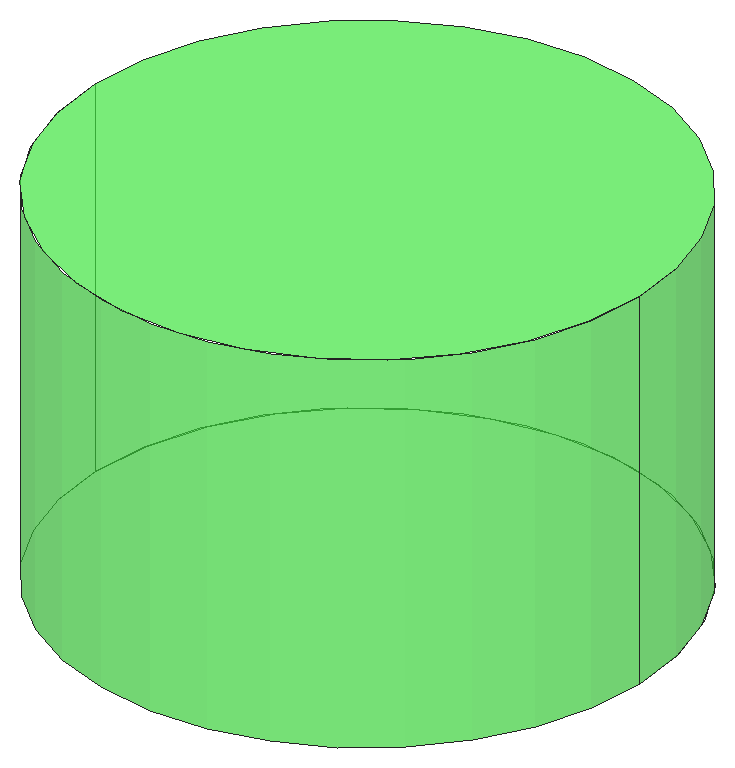
Revit family "貫通部_丸形", category Generic Models, host Face, Revit 2020
Family settings
  Host = Face
  Can host rebar = No
  Round Connector Dimension = Use Diameter
  Part Type = Normal
  Cut with Voids When Loaded = Yes
  Shared = No
  Room Calculation Point = No
Parameters
  高さ [instance] = 300 mm
  Default Elevation = 1219.2 mm
  寸法 [instance] = 10 mm
  半径 [instance] = 250 mm
Reference planes
  plane 1 "中心(正面/背面)": y = 0
  plane 2: z = 0
  plane 3 "中心(左/右)": x = 0
  plane 4: z = -300
Forms (mm)
  Extrusion 1, void
    sketch origin (0, 0, 0) x (1, 0, 0) y (0, 1, 0)
      loop
        circle (0, 0) r 250
    from -310 to 10
  Extrusion 2, solid, material "既定「新規マテリアル」"
    sketch origin (0, 0, 0) x (1, 0, 0) y (0, 1, 0)
      loop
        circle (0, 0) r 250
    from -310 to 10
Dimensions and locks
  "高さ": level to plane 4
  "寸法": Extrusion 2 to level
  "寸法": plane 4 to Extrusion 2
  "半径": radius of Extrusion 1 sketch curve
  "半径": radius of Extrusion 2 sketch curve
  aligned and locked: plane 2 to host face
  aligned and locked: level to host face
  aligned and locked: Extrusion 1 to Extrusion 2  (x2)
Automatic sketch dimensions
  host sketch curve to host sketch curve = 2438.4 mm  (x2)
  plane 1 "中心(正面/背面)" to Extrusion 1 sketch curve = 0 mm
  Extrusion 1 sketch curve to plane 3 "中心(左/右)" = 0 mm
  plane 1 "中心(正面/背面)" to Extrusion 2 sketch curve = 0 mm
  Extrusion 2 sketch curve to plane 3 "中心(左/右)" = 0 mm
